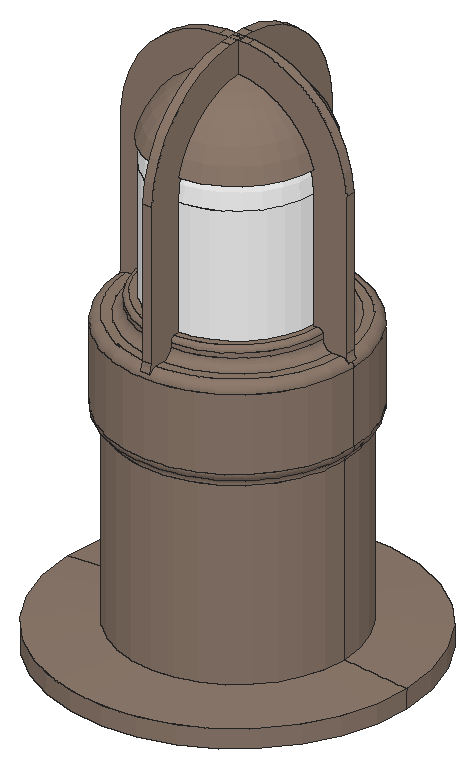
Revit family "BL5370", category Generic Models, Revit 2014
Parameters
  LOUVERS = Bronze, Architectural
  LENS = Acrylic, Clear
  CAP = Bronze, Architectural
  BODY = Bronze, Architectural
Reference planes (in)
  plane 1 "Center (Front/Back)": y = 0
  plane 2: z = 0
  plane 3 "Center (Left/Right)": x = 0
Forms (in)
  Revolve 1, solid, material "Bronze, Architectural" <- "BODY"
    sketch origin (0, 0, 0) x (1, 0, 0) y (0, 0, 1)
      loop
        line (0, 8.77256) -> (0, 0) -> (4.75, 0) -> (4.75, 0.49612) -> (3, 0.62112) -> (3, 5.60841)
        arc (3, 5.60841) -> (3.03107, 5.71804) -> (3.11147, 5.79878) r 0.22711
        arc (3.11147, 5.79878) -> (3.21256, 5.89096) -> (3.25, 6.02256) r 0.25
        line (3.25, 6.02256) -> (3.25, 8.02256)
        arc (3.25, 8.02256) -> (3.17678, 8.19933) -> (3, 8.27256) r 0.25
        line (3, 8.27256) -> (2.7475, 8.27256)
        arc (2.7475, 8.27256) -> (2.57072, 8.34578) -> (2.4975, 8.52256) r 0.25
        line (2.4975, 8.52256) -> (2.4975, 8.64756)
        arc (2.4975, 8.64756) -> (2.46089, 8.73595) -> (2.3725, 8.77256) r 0.125
        line (2.3725, 8.77256) -> (0, 8.77256)
      axis (0, 8.77256) -> (0, 0)
    angle from 0 to 360
  Revolve 2, solid, material "Bronze, Architectural" <- "CAP"
    sketch origin (0, 0, 0) x (1, 0, 0) y (0, 0, 1)
      loop
        line (0, 14.35674) -> (0, 12.67256) -> (2.24531, 12.67256)
        arc (2.24531, 12.67256) -> (1.40489, 13.89092) -> (0, 14.35674) r 2.32874
      axis (0, 12.67256) -> (0, 14.35674)
    angle from 0 to 360
  Revolve 3, solid, material "Acrylic, Clear" <- "LENS"
    sketch origin (0, 0, 0) x (1, 0, 0) y (0, 0, 1)
      loop
        line (2.185, 8.77072) -> (2.185, 12.02256)
        arc (2.185, 12.02256) -> (1.54503, 13.56759) -> (0, 14.20756) r 2.185
        line (0, 14.20756) -> (0, 8.77072) -> (2.185, 8.77072)
      axis (0, 14.20756) -> (0, 8.77072)
    angle from 0 to 360
  Extrusion 4, solid, material "Bronze, Architectural" <- "LOUVERS"
    sketch origin (0, 0, 0) x (1, 0, 0) y (0, 0, 1)
      loop
        line (3.15, 8.39062) -> (3.15, 12.31524)
        arc (3.15, 12.31524) -> (2.31642, 14.27848) -> (0.37999, 15.17256) r 2.96164
        line (0.37999, 15.17256) -> (0, 15.17256) -> (-0.37999, 15.17256)
        arc (-0.37999, 15.17256) -> (-2.31642, 14.27848) -> (-3.15, 12.31524) r 2.96164
        line (-3.15, 12.31524) -> (-3.15, 8.39062)
        arc (-3.15, 8.39062) -> (-3.16807, 8.27194) -> (-3.20934, 8.15922) r 0.60172
        arc (-3.20934, 8.15922) -> (-3.11903, 8.2424) -> (-3, 8.27256) r 0.25
        line (-3, 8.27256) -> (-2.7475, 8.27256)
        arc (-2.7475, 8.27256) -> (-2.57072, 8.34578) -> (-2.4975, 8.52256) r 0.25
        line (-2.4975, 8.52256) -> (-2.4975, 8.64756)
        arc (-2.4975, 8.64756) -> (-2.46089, 8.73595) -> (-2.3725, 8.77256) r 0.125
        line (-2.3725, 8.77256) -> (-2.2475, 8.77256) -> (-2.2475, 12.02256)
        arc (-2.2475, 12.02256) -> (-1.58922, 13.61178) -> (0, 14.27006) r 2.2475
        arc (0, 14.27006) -> (1.58922, 13.61178) -> (2.2475, 12.02256) r 2.2475
        line (2.2475, 12.02256) -> (2.2475, 8.77256) -> (2.3725, 8.77256)
        arc (2.3725, 8.77256) -> (2.46089, 8.73595) -> (2.4975, 8.64756) r 0.125
        line (2.4975, 8.64756) -> (2.4975, 8.52256)
        arc (2.4975, 8.52256) -> (2.57072, 8.34578) -> (2.7475, 8.27256) r 0.25
        line (2.7475, 8.27256) -> (3, 8.27256)
        arc (3, 8.27256) -> (3.11903, 8.2424) -> (3.20934, 8.15922) r 0.25
        arc (3.20934, 8.15922) -> (3.16807, 8.27194) -> (3.15, 8.39062) r 0.60172
    from -0.125 to 0.125
  Extrusion 5, solid, material "Bronze, Architectural" <- "LOUVERS"
    sketch origin (0, 0, 0) x (0, -1, 0) y (0, 0, 1)
      loop
        line (3.15, 8.39062) -> (3.15, 12.31524)
        arc (3.15, 12.31524) -> (2.31642, 14.27848) -> (0.37999, 15.17256) r 2.96164
        line (0.37999, 15.17256) -> (0, 15.17256) -> (-0.37999, 15.17256)
        arc (-0.37999, 15.17256) -> (-2.31642, 14.27848) -> (-3.15, 12.31524) r 2.96164
        line (-3.15, 12.31524) -> (-3.15, 8.39062)
        arc (-3.15, 8.39062) -> (-3.16807, 8.27194) -> (-3.20934, 8.15922) r 0.60172
        arc (-3.20934, 8.15922) -> (-3.11903, 8.2424) -> (-3, 8.27256) r 0.25
        line (-3, 8.27256) -> (-2.7475, 8.27256)
        arc (-2.7475, 8.27256) -> (-2.57072, 8.34578) -> (-2.4975, 8.52256) r 0.25
        line (-2.4975, 8.52256) -> (-2.4975, 8.64756)
        arc (-2.4975, 8.64756) -> (-2.46089, 8.73595) -> (-2.3725, 8.77256) r 0.125
        line (-2.3725, 8.77256) -> (-2.2475, 8.77256) -> (-2.2475, 12.02256)
        arc (-2.2475, 12.02256) -> (-1.58922, 13.61178) -> (0, 14.27006) r 2.2475
        arc (0, 14.27006) -> (1.58922, 13.61178) -> (2.2475, 12.02256) r 2.2475
        line (2.2475, 12.02256) -> (2.2475, 8.77256) -> (2.3725, 8.77256)
        arc (2.3725, 8.77256) -> (2.46089, 8.73595) -> (2.4975, 8.64756) r 0.125
        line (2.4975, 8.64756) -> (2.4975, 8.52256)
        arc (2.4975, 8.52256) -> (2.57072, 8.34578) -> (2.7475, 8.27256) r 0.25
        line (2.7475, 8.27256) -> (3, 8.27256)
        arc (3, 8.27256) -> (3.11903, 8.2424) -> (3.20934, 8.15922) r 0.25
        arc (3.20934, 8.15922) -> (3.16807, 8.27194) -> (3.15, 8.39062) r 0.60172
    from -0.125 to 0.125
Dimensions and locks (in)
  aligned and locked: plane 2 to level
